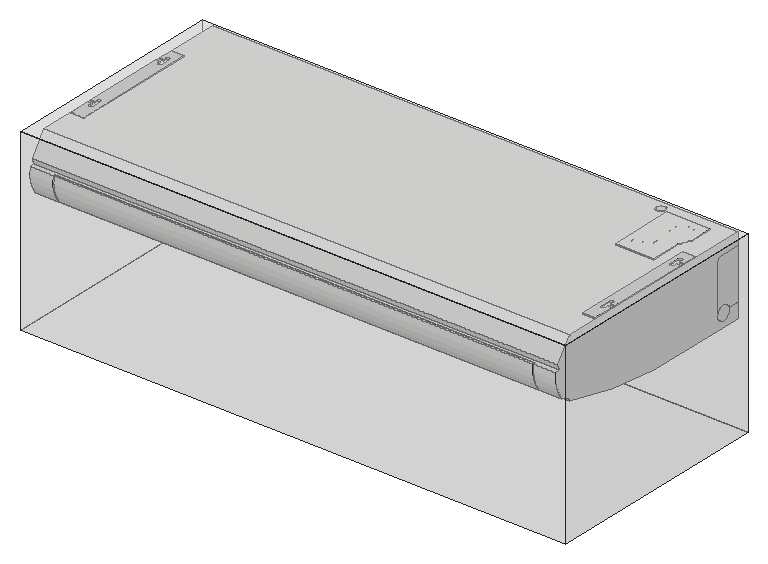
Revit family "outputfile", category 機械設備, Revit 2024
Family settings
  丸型コネクタ寸法 = 半径を使用
  パーツ タイプ = 標準
  OmniClass 番号 = 23.75.10.24.21.27.27
  OmniClass タイトル = Split System Air Conditioning Units
  作業面ベース = いいえ
  常に垂直 = はい
  ロード時にボイドで切り取り = いいえ
  注釈の向きを維持 = いいえ
  共有 = いいえ
  部屋計算ポイント = はい
Parameters (values of type "FHA100DVA")
  製造元 = "Daikin"
  書き出し IFC クラス(タイプ) = "IfcUnitaryEquipmentType"
  定義済み IFC タイプ(タイプ) = "AIRCONDITIONINGUNIT"
  モデル = "FHA100DVA"
  switch_frequency = yes
  r_Liquid Pipe Size = Liquid Pipe Size / 2  # 4.75 mm
  r_Gas Pipe Size = Gas Pipe Size / 2  # 7.95 mm
  r_Drain Pipe Size = Drain Pipe Size / 2  # 10.0 mm
  l_powersupply [instance] = if(Rear Right Connection_powersupply, 29.0 mm, 175.0 mm)  # 29.0 mm
  h_mountinghole = 2.0 mm
  connector_voltage = Voltage_50Hz  # 230 V
  connector_powerinput = [Power Input (Cooling)]  # 2.600 kW
  connector_phase = Phase_50Hz  # 1
  angle_vertical_powersupply [instance] = if(Rear Right Connection_powersupply, 90.00°, 180.00°)  # 90.00°
  angle_vertical_drainpipe [instance] = if(or(Left Connection_drainpipe, Right Connection_drainpipe), 90.00°, if(Top Connection_drainpipe, 180.00°, -90.00°))  # -90.00°
  angle_horizontal_powersupply [instance] = if(Rear Right Connection_powersupply, 180.00°, 0.00°)  # 180.00°
  angle_horizontal_drainpipe [instance] = if(Right Connection_drainpipe, 90.00°, if(Left Connection_drainpipe, -90.00°, 0.00°))  # 0.00°
  Voltage_comment_60Hz = "220-240"
  Voltage_comment_50Hz = "220-240"
  Voltage_60Hz = 230 V
  Voltage_50Hz = 230 V
  Top Connection_refrigerant [instance] = no
  Top Connection_powersupply [instance] = not(Rear Right Connection_powersupply)  # no
  Right Connection_refrigerant [instance] = no
  Rear Right Connection_refrigerant [instance] = yes
  Phase_60Hz = 1
  Phase_50Hz = 1
  Material_Casing = DAIKIN_White_Casing_indoorunit
  lw_powersupply [instance] = if(Rear Right Connection_powersupply, 220.0 mm, 210.0 mm)  # 220.0 mm
  lw_mountinghole_pitch = Width - 40.0 mm  # 1550.0 mm
  lw_mountinghole = 20.0 mm
  lw_liquidpipe [instance] = if(Right Connection_refrigerant, 156.0 mm, if(Top Connection_refrigerant, 156.0 mm, 136.0 mm))  # 136.0 mm
  lw_gaspipe = 105.0 mm
  lw_drainpipe [instance] = if(Top Connection_drainpipe, 102.0 mm, if(Width = 960.0 mm, if(or(Left Connection_drainpipe, Rear Left Connection_drainpipe), 884.0 mm, 83.0 mm), if(Width = 1270.0 mm, if(or(Left Connection_drainpipe, Rear Left Connection_drainpipe), 1194.0 mm, 83.0 mm), if(Width = 1590.0 mm, if(or(Left Connection_drainpipe, Rear Left Connection_drainpipe), 1514.0 mm, 83.0 mm), 83.0 mm))))  # 83.0 mm
  lh_powersupply = 175.0 mm
  lh_liquidpipe [instance] = if(Rear Right Connection_refrigerant, 160.0 mm, 131.0 mm)  # 160.0 mm
  lh_gaspipe [instance] = if(Rear Right Connection_refrigerant, 150.0 mm, 91.0 mm)  # 150.0 mm
  lh_drainpipe = 197.0 mm
  l_antena = 1.0 mm
  ld_powersupply = 30.0 mm
  ld_mountinghole_pitch = 260.0 mm
  ld_mountinghole = 210.0 mm
  ld_liquidpipe [instance] = if(Right Connection_refrigerant, 57.0 mm, if(Top Connection_refrigerant, 189.0 mm, 221.0 mm))  # 221.0 mm
  ld_gaspipe [instance] = if(Right Connection_refrigerant, 57.0 mm, if(Top Connection_refrigerant, 163.0 mm, 214.0 mm))  # 214.0 mm
  ld_drainpipe [instance] = if(or(Left Connection_drainpipe, Right Connection_drainpipe), 57.0 mm, if(Top Connection_drainpipe, 87.0 mm, 268.0 mm))  # 268.0 mm
  l_liquidpipe_length [instance] = if(Right Connection_refrigerant, 156.0 mm, if(Top Connection_refrigerant, 131.0 mm, 220.0 mm))  # 220.0 mm
  l_gaspipe_length [instance] = if(Right Connection_refrigerant, 105.0 mm, if(Top Connection_refrigerant, 91.0 mm, 213.0 mm))  # 213.0 mm
  l_drainpipe_length [instance] = if(Right Connection_drainpipe, 83.0 mm, if(Top Connection_drainpipe, 197.0 mm, if(Left Connection_drainpipe, 76.0 mm, 267.0 mm)))  # 267.0 mm
  h*** = 0.0 mm
  angle_vertical [instance] = if(Right Connection_refrigerant, 90.00°, if(Top Connection_refrigerant, 180.00°, -90.00°))  # -90.00°
  angle_horizontal [instance] = if(Right Connection_refrigerant, 90.00°, 0.00°)  # 0.00°
  Width = 1590.0 mm
  Version = "ver.1.0"
  Unit Type = "Ceiling"
  Unit Mass Weight = 38.00 kg
  Unit Designation [instance] = ""
  Uniclass2015Version = "Products v1.30"
  Uniclass2015Title = "Split coil room air conditioning units"
  Uniclass2015Code = "Pr_70_65_03_86"
  Total Cooling Capacity [instance] = 0.000 kW
  Top Connection_drainpipe [instance] = no
  Sound Pressure Level_M speed (dBA) = 38
  Sound Pressure Level_L speed (dBA) = 34
  Sound Pressure Level_H speed (dBA) = 42
  Series = "SkyAir_Fan Coil Unit"
  Sensible Cooling Capacity [instance] = 0.000 kW
  Rear Right Connection_drainpipe [instance] = yes
  Rear Right Connection_powersupply [instance] = yes
  Right Connection_drainpipe [instance] = no
  Refrigerant Type = "R32"
  Power Input (Cooling) = 2.600 kW
  Option Accessory 3 [instance] = ""
  Option Accessory 2 [instance] = ""
  Option Accessory 1 [instance] = ""
  Nominal Cooling Capacity = 10.000 kW
  Minimum Airflow = 1200.00 m³/h
  Median Airflow = 1440.00 m³/h
  Maximum Airflow = 1680.00 m³/h
  Load Classification = HVAC
  Liquid Pipe Size = 9.5 mm
  Link_Nested Family [instance] = ""
  Rear Left Connection_drainpipe [instance] = no
  Left Connection_drainpipe [instance] = no
  IfcVersion = ""
  IfcExportType = "AIRCONDITIONINGUNIT"
  IfcExportAs = "IfcUnitaryEquipmentType"
  Height = 235.0 mm
  Heat Exchanger Type = "Cross Fin Coil"
  Gas Pipe Size = 15.9 mm
  Frequency_60Hz = 60 Hz
  Frequency_50Hz = 50 Hz
  Fan Type = "Cross Flow Fan"
  Fan Drive = "Direct Drive"
  FCU Tag No. [instance] = ""
  Drain Pipe Size = 20.0 mm
  Design Supply Airflow [instance] = 0.00 m³/h
  Design Outdoor Airflow [instance] = 0.00 m³/h
  Depth = 690.0 mm
  既定の高さ = 0.0 mm
  Cooling Entering Wet Bulb Temperature [instance] = 0.00 °C
  Cooling Entering Dry Bulb Temperature [instance] = 0.00 °C
  Cooling Ambient Wet Bulb Temperature [instance] = 0.00 °C
  Cooling Ambient Dry Bulb Temperature [instance] = 0.00 °C
  Clearance visibility [instance] = yes
  Clearance Top = 5.0 mm
  Clearance Right = 30.0 mm
  Clearance Rear = 0.0 mm
  Clearance Left = 30.0 mm
  Clearance Front = 0.0 mm
  Clearance Bottom = 300.0 mm
Reference planes
  plane 1 "Back": y = 0
  plane 2: z = 0
  plane 3 "Center (Left/Right)": x = 0
  plane 4 "Center (Front/Back)": y = -1
  plane 5 "Front": y = -690
  plane 6 "Left": x = -795
  plane 7 "Right": x = 795
  plane 8 "Top": z = 0
  plane 9 "Bottom": z = -235
  plane 10: y = -690
  plane 11: x = -825
  plane 12: x = 825
  plane 13: z = 5
  plane 14: z = -535
  plane 15: y = 0
  plane 16 "lw_mountinghole": x = -775
  plane 17 "lw_mountinghole2": x = 775
  plane 18 "ld_mountinghole": y = -210
  plane 19 "ld_mountinghole2": y = -470
  plane 20 "lw_gaspipe": x = 690
  plane 21 "ld_gaspipe": y = -214
  plane 22 "lh_gaspipe": z = -150
  plane 23 "lw_liquidpipe": x = 659
  plane 24 "ld_liquidpipe": y = -221
  plane 25 "lh_liquidpipe": z = -160
  plane 26 "ld_drainpipe": y = -268
  plane 27 "lw_drainpipe": x = 712
  plane 28 "lh_drainpipe": z = -197
  plane 29 "lw_powersupply": x = 575
  plane 30 "lh_powersupply": z = -175
  plane 31 "ld_powersupply": y = -30
  plane 32: x = -725.5
  plane 33: x = 725.5
  plane 34: x = -750
  plane 35: x = 750
  plane 36: x = -2
  plane 37: x = 2
Forms (mm)
  Extrusion 1, solid, material "DAIKIN_White_Casing_indoorunit" <- "Material_Casing"
    sketch origin (0, 0, 0) x (0, 1, 0) y (0, 0, 1)
      loop
        line (-639.277, 0) -> (-680.876, -61.699) -> (-675.026, -77.772)
        arc (-675.026, -77.772) -> (-681.815, -78.743) -> (-688.601, -79.732) r 2634.132
        arc (-688.601, -79.732) -> (-687.018, -121.096) -> (-669.159, -158.439) r 102.2
        line (-669.159, -158.439) -> (-639.858, -169.325) -> (-635.895, -178.261)
        arc (-635.895, -178.261) -> (-479.121, -215.759) -> (-319.077, -235) r 1400.997
        line (-319.077, -235) -> (-1, -235) -> (-1, 0) -> (-639.277, 0)
    from -795 to 795
  Extrusion 2, solid, material "DAIKIN_White_Casing_indoorunit" <- "Material_Casing"
    sketch origin (0, 0, 0) x (0, 1, 0) y (0, 0, 1)
      loop
        arc (-688.601, -79.732) -> (-687.018, -121.096) -> (-669.159, -158.439) r 102.2
        line (-669.159, -158.439) -> (-665.589, -154.869)
        arc (-665.589, -154.869) -> (-682.432, -118.783) -> (-683.39, -78.971) r 97.2
        arc (-683.39, -78.971) -> (-685.996, -79.351) -> (-688.601, -79.732) r 2634.132
    from -725.5 to 725.5
  Extrusion 3, void
    sketch origin (0, 0, 0) x (0, 1, 0) y (0, 0, 1)
      loop
        line (-301.098, -235) -> (-21.098, -235) -> (-21.098, -230) -> (-301.098, -230) -> (-301.098, -235)
    from -750 to 750
  Extrusion 4, solid, material "DAIKIN_White_Grille_indoorunit"
    sketch origin (0, 0, 0) x (0, 1, 0) y (0, 0, 1)
      loop
        line (-20.098, -230) -> (-301.098, -230) -> (-301.098, -235) -> (-20.098, -235) -> (-20.098, -230)
    from -750 to -2
  Extrusion 5, solid, material "DAIKIN_White_Casing_indoorunit" <- "Material_Casing"
    sketch origin (0, 0, 0) x (1, 0, 0) y (0, 0, 1)
      loop
        line (602, -63) -> (602, -178) -> (673, -220) -> (736, -220) -> (736, -63) -> (602, -63)
    from 0 to 1
  Extrusion 6, solid, material "DAIKIN_White_Casing_indoorunit" <- "Material_Casing"
    sketch origin (0, 0, 0) x (-1, 0, 0) y (0, -1, 0)
      loop
        line (-607, 35) -> (-607, 230) -> (-723, 230) -> (-723, 135) -> (-738, 105) -> (-738, 35) -> (-607, 35)
    from 0 to 1.9
  Extrusion 7, void
    sketch origin (795, 0, 0) x (0, 1, 0) y (0, 0, 1)
      loop
        arc (-79.5, -195) -> (-55.446, -217.446) -> (-34.715, -191.9) r 22.5
        line (-34.715, -191.9) -> (-1, -191.9) -> (-1, -190.1) -> (-35.04, -190.1)
        arc (-35.04, -190.1) -> (-54.942, -172.594) -> (-77.7, -186.182) r 22.5
        line (-77.7, -186.182) -> (-77.7, -43)
        arc (-77.7, -43) -> (-76.528, -40.172) -> (-73.7, -39) r 4
        line (-73.7, -39) -> (-1, -39) -> (-1, -37.2) -> (-73.7, -37.2)
        arc (-73.7, -37.2) -> (-77.801, -38.899) -> (-79.5, -43) r 5.8
        line (-79.5, -43) -> (-79.5, -195)
      loop
        circle (-57, -195) r 20.7
    from 0 to -10
  Extrusion 8, void
    sketch origin (-1444.026, -1, 1200) x (1, 0, 0) y (0, 0, 1)
      loop
        arc (715.026, -1375) -> (704.42, -1379.393) -> (700.026, -1390) r 15
        line (700.026, -1390) -> (700.026, -1400)
        arc (700.026, -1400) -> (704.42, -1410.607) -> (715.026, -1415) r 15
        line (715.026, -1415) -> (745.026, -1415)
        arc (745.026, -1415) -> (755.633, -1410.607) -> (760.026, -1400) r 15
        line (760.026, -1400) -> (760.026, -1390)
        arc (760.026, -1390) -> (755.633, -1379.393) -> (745.026, -1375) r 15
        line (745.026, -1375) -> (715.026, -1375)
    from 0 to 10
  Extrusion 9, void
    sketch origin (-795, 0, 0) x (0, 1, 0) y (0, 0, 1)
      loop
        circle (-57, -197) r 22.5
    from 0 to 10
  Extrusion 10, void
    sketch origin (-1444.026, -1, 1200) x (1, 0, 0) y (0, 0, 1)
      loop
        circle (2136.026, -1375) r 44
    from 0 to 10
  Extrusion 11, void
    sketch origin (0, 0, 0) x (-1, 0, 0) y (0, -1, 0)
      loop
        circle (-693, 87) r 30
    from 0 to -10
  Extrusion 12, void
    sketch origin (0, 0, 0) x (-1, 0, 0) y (0, -1, 0)
      loop
        circle (-690, 163) r 18
    from 0 to -10
  Extrusion 13, void
    sketch origin (0, 0, 0) x (-1, 0, 0) y (0, -1, 0)
      loop
        circle (-639, 189) r 13
    from 0 to -10
  Extrusion 14, void
    sketch origin (-1444.026, -1, 1200) x (1, 0, 0) y (0, 0, 1)
      loop
        circle (2019.026, -1375) r 14.5
    from 0 to 10
  Extrusion 15, void
    sketch origin (0, 0, 0) x (-1, 0, 0) y (0, -1, 0)
      loop
        circle (-585, 30) r 14.5
    from 0 to -10
  Extrusion 16, void
    sketch origin (795, 0, 0) x (0, 1, 0) y (0, 0, 1)
      loop
        arc (-665.589, -154.869) -> (-682.432, -118.783) -> (-683.39, -78.971) r 97.2
        arc (-683.39, -78.971) -> (-685.996, -79.351) -> (-688.601, -79.732) r 2634.132
        arc (-688.601, -79.732) -> (-687.018, -121.096) -> (-669.159, -158.439) r 102.2
        line (-669.159, -158.439) -> (-665.589, -154.869)
    from -69.5 to -1520.5
  Extrusion 17, solid, material "DAIKIN_White_Casing_indoorunit" <- "Material_Casing"
    sketch origin (-795, 0, 0) x (0, 1, 0) y (0, 0, 1)
      loop
        circle (-57, -197) r 22.5
    from 0 to 10
  Extrusion 18, solid, material "DAIKIN_White_Grille_indoorunit"
    sketch origin (780, 0, 0) x (0, 1, 0) y (0, 0, 1)
      loop
        line (-20.098, -230) -> (-301.098, -230) -> (-301.098, -235) -> (-20.098, -235) -> (-20.098, -230)
    from -782 to -778
  Extrusion 19, solid, material "DAIKIN_White_Grille_indoorunit"
    sketch origin (0, 0, 0) x (0, 1, 0) y (0, 0, -1)
      loop
        line (-20.098, 230) -> (-20.098, 235) -> (-301.098, 235) -> (-301.098, 230) -> (-20.098, 230)
    from -750 to -2
Cuts and joins
  Extrusion 3, Extrusion 7, Extrusion 8, Extrusion 9, Extrusion 10, Extrusion 11, Extrusion 12, Extrusion 13, Extrusion 14, Extrusion 15, Extrusion 16 cuts Extrusion 1
Lines and regions (mm)
  reference lines
    curve 1: line (795, -580.282, -192.75) -> (795, -551.225, -200.21)
Dimensions and locks
  equal spacing: plane 6 "Left", plane 3 "Center (Left/Right)", plane 7 "Right"
  "Width": plane 6 "Left" to plane 7 "Right"
  "Depth": plane 5 "Front" to plane 1 "Back"
  "Height": plane 8 "Top" to plane 9 "Bottom"
  "Clearance Front": plane 10 to plane 5 "Front"
  "Clearance Left": plane 11 to plane 6 "Left"
  "Clearance Right": plane 7 "Right" to plane 12
  "Clearance Top": plane 13 to plane 8 "Top"
  "Clearance Bottom": plane 9 "Bottom" to plane 14
  "Clearance Rear": plane 1 "Back" to plane 15
  locked: plane 4 "Center (Front/Back)" to plane 1 "Back" at 1
  locked: Extrusion 1 sketch curve to Extrusion 1 sketch curve at 235
  locked: Extrusion 1 sketch curve to Extrusion 1 sketch curve at 318.077
  locked: Extrusion 1 sketch curve to Extrusion 1 sketch curve at 1163.297
  locked: Extrusion 1 sketch curve to Extrusion 1 sketch curve at 231.144
  Extrusion 3 sketch curve to Extrusion 3 sketch curve to plane 1 "Back" = 280.0 mm locked, 21.098 mm locked
  "ld_mountinghole": plane 18 "ld_mountinghole" to plane 1 "Back"
  "ld_mountinghole_pitch": plane 18 "ld_mountinghole" to plane 19 "ld_mountinghole2"
  "lw_mountinghole_pitch": plane 16 "lw_mountinghole" to plane 17 "lw_mountinghole2"
  "lw_mountinghole": plane 6 "Left" to plane 16 "lw_mountinghole"
  "lw_gaspipe": plane 20 "lw_gaspipe" to plane 7 "Right"
  "ld_gaspipe": plane 1 "Back" to plane 21 "ld_gaspipe"
  "lw_liquidpipe": plane 23 "lw_liquidpipe" to plane 7 "Right"
  "ld_liquidpipe": plane 1 "Back" to plane 24 "ld_liquidpipe"
  "lw_drainpipe": plane 27 "lw_drainpipe" to plane 7 "Right"
  "ld_drainpipe": plane 26 "ld_drainpipe" to plane 1 "Back"
  plane 8 "Top" to Extrusion 5 sketch curve to Extrusion 5 sketch curve = 63.0 mm locked, 157.0 mm locked
  plane 7 "Right" to Extrusion 5 sketch curve to Extrusion 5 sketch curve = 59.0 mm locked, 134.0 mm locked
  locked: Extrusion 5 sketch curve to Extrusion 5 sketch curve at 115
  locked: Extrusion 5 sketch curve to Extrusion 5 sketch curve at 63
  locked: Extrusion 6 sketch curve to Extrusion 6 sketch curve at 195
  locked: Extrusion 6 sketch curve to Extrusion 6 sketch curve at 116
  locked: Extrusion 6 sketch curve to Extrusion 6 sketch curve at 131
  locked: Extrusion 6 sketch curve to Extrusion 6 sketch curve at 100
  locked: Extrusion 6 sketch curve to plane 1 "Back" at 35
  locked: Extrusion 6 sketch curve to plane 7 "Right" at 57
  locked: Extrusion 8 sketch curve to Extrusion 8 sketch curve at 40
  locked: Extrusion 8 sketch curve to Extrusion 8 sketch curve at 60
  locked: plane 8 "Top" to Extrusion 8 sketch curve at 175
  locked: Extrusion 8 sketch curve to plane 6 "Left" at 51
  locked: plane 7 "Right" to Extrusion 10 sketch curve at 103
  locked: plane 8 "Top" to Extrusion 10 sketch curve at 175
  locked: Extrusion 11 sketch curve to plane 1 "Back" at 87
  locked: Extrusion 11 sketch curve to plane 7 "Right" at 102
  locked: Extrusion 12 sketch curve to plane 1 "Back" at 163
  locked: Extrusion 12 sketch curve to plane 7 "Right" at 105
  locked: Extrusion 13 sketch curve to plane 1 "Back" at 189
  locked: Extrusion 13 sketch curve to plane 7 "Right" at 156
  "lw_powersupply": plane 29 "lw_powersupply" to plane 7 "Right"
  "lh_gaspipe": plane 8 "Top" to plane 22 "lh_gaspipe"
  "lh_liquidpipe": plane 8 "Top" to plane 25 "lh_liquidpipe"
  "lh_powersupply": plane 8 "Top" to plane 30 "lh_powersupply"
  "lh_drainpipe": plane 8 "Top" to plane 28 "lh_drainpipe"
  "ld_powersupply": plane 1 "Back" to plane 31 "ld_powersupply"
  locked: plane 8 "Top" to Extrusion 7 sketch curve at 195
  locked: Extrusion 7 sketch curve to plane 1 "Back" at 57
  locked: plane 9 "Bottom" to Extrusion 7 sketch curve at 43.1
  locked: Extrusion 7 sketch curve to plane 8 "Top" at 39
  locked: Extrusion 7 sketch curve to plane 1 "Back" at 79.5
  locked: Extrusion 9 sketch curve to plane 1 "Back" at 57
  locked: plane 8 "Top" to Extrusion 9 sketch curve at 197
  locked: Extrusion 17 sketch curve to plane 1 "Back" at 57
  locked: plane 8 "Top" to Extrusion 17 sketch curve at 197
  locked: plane 7 "Right" to Extrusion 14 sketch curve at 220
  locked: plane 8 "Top" to Extrusion 14 sketch curve at 175
  locked: Extrusion 15 sketch curve to plane 7 "Right" at 210
  locked: Extrusion 15 sketch curve to plane 1 "Back" at 30
  locked: curve 1 to plane 9 "Bottom" at 34.79
  locked: curve 1 to plane 9 "Bottom" at 42.25
  locked: plane 6 "Left" to plane 32 at 69.5
  locked: plane 33 to plane 7 "Right" at 69.5
  locked: plane 35 to plane 7 "Right" at 45
  locked: plane 6 "Left" to plane 34 at 45
  plane 36 to plane 3 "Center (Left/Right)" to plane 37 = 2.0 mm locked, 2.0 mm locked
  locked: curve 1 to plane 9 "Bottom" (angle 14.40°)
  aligned and locked: level to plane 2
  aligned and locked: nested 1 to plane 11
  aligned and locked: nested 1 to plane 12
  aligned and locked: nested 1 to plane 10
  aligned and locked: plane 13 to nested 1
  aligned and locked: plane 14 to nested 1
  aligned and locked: plane 15 to nested 1
  aligned and locked: Extrusion 1 sketch curve to plane 8 "Top"
  aligned and locked: Extrusion 2 sketch curve to Extrusion 1  (x2)
  aligned and locked: plane 7 "Right" to Extrusion 1
  aligned and locked: Extrusion 1 to plane 6 "Left"
  aligned and locked: cut or joined group 1 (Extrusion 1, Extrusion 3, Extrusion 7, Extrusion 8, Extrusion 9, Extrusion 10, Extrusion 11, Extrusion 12, Extrusion 13, Extrusion 14, Extrusion 15, Extrusion 16) to Extrusion 3 sketch curve
  aligned and locked: cut or joined group 1 to Extrusion 4 sketch curve
  aligned and locked: Extrusion 5 to plane 4 "Center (Front/Back)"
  aligned and locked: Extrusion 7 sketch curve to plane 4 "Center (Front/Back)"
  aligned and locked: Extrusion 16 sketch curve to Extrusion 2  (x4)
  aligned and locked: Extrusion 16 to Extrusion 2  (x2)
  aligned and locked: nested 2 to plane 26 "ld_drainpipe"
  aligned and locked: plane 27 "lw_drainpipe" to nested 2
  aligned and locked: plane 20 "lw_gaspipe" to nested 3
  aligned and locked: nested 3 to plane 21 "ld_gaspipe"
  aligned and locked: plane 23 "lw_liquidpipe" to nested 4
  aligned and locked: nested 4 to plane 24 "ld_liquidpipe"
  aligned and locked: plane 25 "lh_liquidpipe" to nested 4
  aligned and locked: nested 5 to plane 31 "ld_powersupply"
  aligned and locked: plane 29 "lw_powersupply" to nested 5
  aligned and locked: nested 7 to plane 18 "ld_mountinghole"
  aligned and locked: plane 16 "lw_mountinghole" to nested 7
  aligned and locked: nested 6 to plane 19 "ld_mountinghole2"
  aligned and locked: plane 16 "lw_mountinghole" to nested 6
  aligned and locked: nested 9 to plane 18 "ld_mountinghole"
  aligned and locked: plane 17 "lw_mountinghole2" to nested 9
  aligned and locked: plane 17 "lw_mountinghole2" to nested 8
  aligned and locked: nested 8 to plane 19 "ld_mountinghole2"
  aligned and locked: nested 10 to curve 1
  aligned and locked: level to plane 8 "Top"
  aligned and locked: cut or joined group 1 to plane 32
  aligned and locked: plane 33 to cut or joined group 1
  aligned and locked: Extrusion 16 to plane 32
  aligned and locked: plane 33 to Extrusion 16
  aligned and locked: Extrusion 4 to plane 34
  aligned and locked: cut or joined group 1 to plane 34
  aligned and locked: plane 34 to Extrusion 4  (x3)
  aligned and locked: plane 16 "lw_mountinghole" to nested 11
  aligned and locked: plane 17 "lw_mountinghole2" to nested 12
  aligned and locked: plane 36 to Extrusion 4
  aligned and locked: Extrusion 18 to plane 36
  aligned and locked: plane 37 to Extrusion 18
  aligned and locked: Extrusion 19 to plane 37
  aligned and locked: plane 37 to Extrusion 19
  aligned and locked: plane 35 to Extrusion 19
  aligned and locked: plane 35 to Extrusion 3
  aligned and locked: Extrusion 4 to cut or joined group 1
  aligned and locked: cut or joined group 1 to Extrusion 18
  aligned and locked: cut or joined group 1 to Extrusion 19
Automatic sketch dimensions
  Extrusion 1 sketch curve to plane 4 "Center (Front/Back)" = 0.0 mm
  Extrusion 1 sketch curve to plane 5 "Front" = 102.2 mm
  Extrusion 1 sketch curve to plane 30 "lh_powersupply" = 3.261 mm
  Extrusion 1 sketch curve to plane 5 "Front" = 50.723 mm
  plane 30 "lh_powersupply" to Extrusion 1 sketch curve = 5.675 mm
  Extrusion 1 sketch curve to Extrusion 1 sketch curve = 3.963 mm
  plane 25 "lh_liquidpipe" to Extrusion 1 sketch curve = 1.561 mm
  Extrusion 1 sketch curve to plane 5 "Front" = 20.841 mm
  Extrusion 1 sketch curve to plane 5 "Front" = 14.974 mm
  Extrusion 1 sketch curve to plane 5 "Front" = 9.124 mm
  Extrusion 1 sketch curve to plane 26 "ld_drainpipe" = 37.278 mm
  Extrusion 1 sketch curve to plane 14 = 2150.825 mm
  plane 22 "lh_gaspipe" to Extrusion 1 sketch curve = 53.413 mm
  Extrusion 1 sketch curve to level = 77.772 mm
  Extrusion 1 sketch curve to Extrusion 1 sketch curve = 16.072 mm
  Extrusion 2 sketch curve to Extrusion 2 sketch curve = 0.0 mm  (x2)
  plane 25 "lh_liquidpipe" to Extrusion 2 sketch curve = 1.561 mm
  Extrusion 2 sketch curve to plane 22 "lh_gaspipe" = 4.869 mm
  Extrusion 2 sketch curve to Extrusion 2 sketch curve = 3.57 mm
  Extrusion 3 sketch curve to Extrusion 3 sketch curve = 5.0 mm
  plane 31 "ld_powersupply" to Extrusion 4 sketch curve = 9.902 mm
  Extrusion 4 sketch curve to Extrusion 4 sketch curve = 5.0 mm
  Extrusion 6 sketch curve to Extrusion 6 sketch curve = 30.0 mm
  Extrusion 7 sketch curve to Extrusion 7 sketch curve = 0.0 mm  (x6)
  Extrusion 7 sketch curve to plane 4 "Center (Front/Back)" = 0.0 mm  (x2)
  Extrusion 7 sketch curve to Extrusion 7 sketch curve = 1.8 mm  (x2)
  Extrusion 7 sketch curve to Extrusion 7 sketch curve = 4.0 mm
  Extrusion 7 sketch curve to Extrusion 7 sketch curve = 0.325 mm
  Extrusion 8 sketch curve to plane 32 = 3.5 mm  (x2)
  Extrusion 8 sketch curve to plane 28 "lh_drainpipe" = 3.0 mm
  Extrusion 8 sketch curve to Extrusion 8 sketch curve = 15.0 mm
  curve 1 to plane 5 "Front" = 109.718 mm
  Extrusion 18 sketch curve to plane 9 "Bottom" = 0.0 mm
  plane 9 "Bottom" to Extrusion 18 sketch curve = 5.0 mm
  Extrusion 18 sketch curve to plane 26 "ld_drainpipe" = 33.098 mm
  plane 31 "ld_powersupply" to Extrusion 18 sketch curve = 9.902 mm
  Extrusion 19 sketch curve to plane 9 "Bottom" = 0.0 mm
  plane 9 "Bottom" to Extrusion 19 sketch curve = 5.0 mm
  Extrusion 19 sketch curve to plane 26 "ld_drainpipe" = 33.098 mm
  plane 31 "ld_powersupply" to Extrusion 19 sketch curve = 9.902 mm
  Extrusion 4 sketch curve to plane 26 "ld_drainpipe" = 33.098 mm
  radius of Extrusion 7 sketch curve = 20.7 mm
  radius of Extrusion 9 sketch curve = 22.5 mm
  radius of Extrusion 10 sketch curve = 44.0 mm
  radius of Extrusion 11 sketch curve = 30.0 mm
  radius of Extrusion 12 sketch curve = 18.0 mm
  radius of Extrusion 13 sketch curve = 13.0 mm
  radius of Extrusion 14 sketch curve = 14.5 mm
  radius of Extrusion 15 sketch curve = 14.5 mm
  radius of Extrusion 17 sketch curve = 22.5 mm
Nested families
  nested 1: "daikin_clearancespace" at (0, -345, -264.881), visible <- "Clearance visibility", show <- "Clearance visibility", Link_Nested Family <- "Link_Nested Family", type "daikin_clearancespace"
    with width 1650.0 mm, show yes, height 540.0 mm, depth 690.0 mm, Link_Nested Family ""
  nested 2: "daikin_connector_rotate3" at (712, -268, -197), radius <- "r_Drain Pipe Size", angle_vertical <- "angle_vertical_drainpipe", angle_horizontal <- "angle_horizontal_drainpipe", length <- "l_drainpipe_length", type "daikin_connector_rotate3"
    with show no, radius 10.0 mm, length 267.0 mm, angle_vertical -90.00°, angle_horizontal 0.00°
  nested 3: "daikin_connector_rotate3" at (690, -214, -150), radius <- "r_Gas Pipe Size", angle_vertical <- "angle_vertical", angle_horizontal <- "angle_horizontal", length <- "l_gaspipe_length", type "daikin_connector_rotate3"
    with show no, radius 7.95 mm, length 213.0 mm, angle_vertical -90.00°, angle_horizontal 0.00°
  nested 4: "daikin_connector_rotate3" at (659, -221, -160), radius <- "r_Liquid Pipe Size", angle_vertical <- "angle_vertical", angle_horizontal <- "angle_horizontal", length <- "l_liquidpipe_length", type "daikin_connector_rotate3"
    with show no, radius 4.75 mm, length 220.0 mm, angle_vertical -90.00°, angle_horizontal 0.00°
  nested 5: "daikin_connector_rotate3" at (575, -30, -175), length <- "l_powersupply", angle_vertical <- "angle_vertical_powersupply", angle_horizontal <- "angle_horizontal_powersupply", type "daikin_connector_rotate3"
    with show no, radius 10.0 mm, length 29.0 mm, angle_vertical 90.00°, angle_horizontal 180.00°
  nested 6: "daikin_mountinghole" at (-775, -470, 0), l_antenna <- "l_antena", Link_Nested Family <- "Link_Nested Family", h_mountinghole <- "h_mountinghole", type "daikin_mountinghole"
    with show yes, l_antenna 1.0 mm, h_mountinghole 2.0 mm, Link_Nested Family ""
  nested 7: "daikin_mountinghole" at (-775, -210, 0), l_antenna <- "l_antena", Link_Nested Family <- "Link_Nested Family", h_mountinghole <- "h_mountinghole", type "daikin_mountinghole"
    with show yes, l_antenna 1.0 mm, h_mountinghole 2.0 mm, Link_Nested Family ""
  nested 8: "daikin_mountinghole" at (775, -470, 0), l_antenna <- "l_antena", Link_Nested Family <- "Link_Nested Family", h_mountinghole <- "h_mountinghole", type "daikin_mountinghole"
    with show yes, l_antenna 1.0 mm, h_mountinghole 2.0 mm, Link_Nested Family ""
  nested 9: "daikin_mountinghole" at (775, -210, 0), Link_Nested Family <- "Link_Nested Family", l_antenna <- "l_antena", h_mountinghole <- "h_mountinghole", type "daikin_mountinghole"
    with show yes, l_antenna 1.0 mm, h_mountinghole 2.0 mm, Link_Nested Family ""
  nested 10: "daikin_logo_plane_w40" at (647.963, -559.801, -198.008) x (1, 0, 0) z (0, -0.2487, -0.9686), type "daikin_logo_plane_w40"
    with show_logo yes
  nested 11: "daikin_hangerfixture_FHA-DVA" at (-775, 0, 0), type "daikin_hangerfixture_FHA-DVA"
    with width 38.0 mm, height 2.0 mm, depth 380.0 mm
  nested 12: "daikin_hangerfixture_FHA-DVA" at (775, 0, 0) x (-1, 0, 0) z (0, 0, 1), type "daikin_hangerfixture_FHA-DVA"
    with width 38.0 mm, height 2.0 mm, depth 380.0 mm
Connectors
  piping at (712, -1, -197), diameter 20, driven by "r_Drain Pipe Size"
    settings: on nested 2, index 1, connector inside diameter 609.6 mm, connector length 0.0 mm, flow factor 0, pipe flow 0.00 m³/h, pressure drop 0.0 Pa, fitting loss kfactor 0, connector angle 0.00°, fixture units 0, engagement length 0.0 mm, angle of deflection 0.00°, flow configuration 1, flow direction 2, fitting loss method 4, system type 16, joint type 0, gender type 0, connector reference index -1, connector utility 0, adjustable connector no, is connector primary yes, connector description "Condensate Drain Piping"
  piping at (690, -1, -150), diameter 15.9, driven by "r_Gas Pipe Size"
    settings: on nested 3, index 3, connector inside diameter 609.6 mm, connector length 0.0 mm, flow factor 0, pipe flow 0.00 m³/h, pressure drop 0.0 Pa, fitting loss kfactor 0, connector angle 0.00°, fixture units 0, engagement length 0.0 mm, angle of deflection 0.00°, flow configuration 1, flow direction 2, fitting loss method 0, system type 29, joint type 0, gender type 0, connector reference index -1, connector utility 0, adjustable connector no, is connector primary no, connector description "Refrigerant Gas Piping"
  piping at (659, -1, -160), diameter 9.5, driven by "r_Liquid Pipe Size"
    settings: on nested 4, index 4, connector inside diameter 609.6 mm, connector length 0.0 mm, flow factor 0, pipe flow 0.00 m³/h, pressure drop 0.0 Pa, fitting loss kfactor 0, connector angle 0.00°, fixture units 0, engagement length 0.0 mm, angle of deflection 0.00°, flow configuration 1, flow direction 1, fitting loss method 0, system type 29, joint type 0, gender type 0, connector reference index -1, connector utility 0, adjustable connector no, is connector primary no, connector description "Refrigerant Liquid Piping"
  electrical at (575, -1, -175), driven by "Load Classification", driven by "connector_powerinput", driven by "connector_phase", driven by "connector_voltage"
    settings: on nested 5, index 6, voltage 230 V, apparent load 2600 VA, apparent load phase1 0 VA, apparent load phase2 0 VA, apparent load phase3 0 VA, power factor 1, load classification "HVAC", number of poles 1, system type 30, power factor state 1, is connector primary yes, connector utility no, sub classification motor no, connector description "Power Supply"
Definition of nested family "daikin_clearancespace"
  Parameters (values of type "daikin_clearancespace")
    Description = "daikin_clearancespace"
    width [instance] = 1823.963 mm
    show [instance] = yes
    material = none
    height [instance] = 1359.762 mm
    depth [instance] = 880.0 mm
    Default Elevation = 0.0 mm
    Link_Nested Family [instance] = ""
  Reference planes
    plane 1 "Center (Front/Back)": y = 0
    plane 2 "Center (Elevation)": z = -0.119
    plane 3 "Center (Left/Right)": x = 0
    plane 4: y = 440
    plane 5: y = -440
    plane 6 "Right": x = 911.982
    plane 7 "Left": x = -911.982
    plane 8 "Top": z = 679.762
    plane 9 "Bottom": z = -680
  Forms (mm)
    Extrusion 1, solid, material <- "material", visible <- "show"
      sketch origin (0, 0, 0) x (1, 0, 0) y (0, 1, 0)
        loop
          line (-911.982, 440) -> (-911.982, -440) -> (911.982, -440) -> (911.982, 440) -> (-911.982, 440)
      from -680 to 679.762
  Lines and regions (mm)
    symbolic lines, visible <- "show"
      curve 1: line (911.982, 440, 0) -> (-911.982, 440, 0)
      curve 2: line (-911.982, 440, 0) -> (-911.982, -440, 0)
      curve 3: line (-911.982, -440, 0) -> (911.982, -440, 0)
      curve 4: line (911.982, -440, 0) -> (911.982, 440, 0)
      curve 5: line (911.982, 0, 679.762) -> (-911.982, 0, 679.762)
      curve 6: line (911.982, 0, -680) -> (911.982, 0, 679.762)
      curve 7: line (-911.982, 0, -680) -> (911.982, 0, -680)
      curve 8: line (-911.982, 0, 679.762) -> (-911.982, 0, -680)
      curve 9: line (0, 440, 679.762) -> (0, -440, 679.762)
      curve 10: line (0, -440, 679.762) -> (0, -440, -680)
      curve 11: line (0, 440, -680) -> (0, 440, 679.762)
      curve 12: line (0, -440, -680) -> (0, 440, -680)
  Dimensions and locks
    "width": plane 7 "Left" to plane 6 "Right"
    "depth": plane 4 to plane 5
    "height": plane 8 "Top" to plane 9 "Bottom"
    equal spacing: plane 7 "Left", plane 3 "Center (Left/Right)", plane 6 "Right"
    equal spacing: plane 4, plane 1 "Center (Front/Back)", plane 5
    equal spacing: plane 8 "Top", plane 2 "Center (Elevation)", plane 9 "Bottom"
    aligned and locked: level to plane 2 "Center (Elevation)"
    aligned and locked: Extrusion 1 sketch curve to plane 4
    aligned and locked: plane 7 "Left" to Extrusion 1 sketch curve
    aligned and locked: Extrusion 1 sketch curve to plane 5
    aligned and locked: Extrusion 1 sketch curve to plane 6 "Right"
    aligned and locked: plane 8 "Top" to Extrusion 1
    aligned and locked: curve 1 to Extrusion 1
    aligned and locked: curve 2 to Extrusion 1
    aligned and locked: curve 3 to Extrusion 1
    aligned and locked: curve 4 to Extrusion 1
    aligned and locked: curve 5 to Extrusion 1
    aligned and locked: curve 6 to Extrusion 1
    aligned and locked: curve 7 to Extrusion 1
    aligned and locked: curve 8 to Extrusion 1
    aligned and locked: curve 9 to Extrusion 1
    aligned and locked: curve 10 to Extrusion 1
    aligned and locked: curve 11 to Extrusion 1
    aligned and locked: curve 12 to Extrusion 1
    aligned and locked: Extrusion 1 to plane 9 "Bottom"
Definition of nested family "daikin_logo_plane_w40"
  Parameters (values of type "daikin_logo_plane_w40")
    width = 40.0 mm
    show_logo [instance] = yes
    material = none
    height = 0.0 mm
    depth = 0.0 mm
    Default Elevation = 1219.2 mm
  Reference planes
    plane 1 "Center (Front/Back)": y = 0
    plane 2: z = 0
    plane 3 "Center (Left/Right)": x = 0
    plane 4: z = 2
    plane 5 "left": x = -19
    plane 6: x = 19
  Forms (mm)
    Extrusion 1, solid, visible <- "show_logo"
      sketch origin (-19, 0, 0) x (1, 0, 0) y (0, 1, 0)
        loop
          line (8.902, -1.878) -> (7.789, -6.332) -> (11.13, -6.332)
          arc (11.13, -6.332) -> (12.454, -6.064) -> (13.472, -5.176) r 2.642
          arc (13.472, -5.176) -> (13.92, -4.02) -> (13.767, -2.79) r 2.537
          arc (13.767, -2.79) -> (13.452, -2.342) -> (12.982, -2.06) r 1.321
          arc (12.982, -2.06) -> (12.063, -1.902) -> (11.13, -1.878) r 6.479
          line (11.13, -1.878) -> (8.902, -1.878)
        loop
          line (10.016, -5.441) -> (10.907, -5.441)
          arc (10.907, -5.441) -> (11.591, -4.983) -> (11.988, -4.261) r 1.742
          spline (11.988, -4.261) -> (12.01, -4.155) -> (12.027, -4.03) -> (12.037, -3.893) -> (12.037, -3.747) -> (12.026, -3.598) -> (12.002, -3.451) -> (11.962, -3.31) -> (11.905, -3.181) -> (11.829, -3.069) -> (11.731, -2.978) -> (11.61, -2.913) -> (11.464, -2.88)
          line (11.464, -2.88) -> (10.573, -2.88) -> (10.016, -5.441)
        loop
          line (13.58, -6.332) -> (14.805, -6.332) -> (15.223, -5.553) -> (16.977, -5.553) -> (17.144, -6.332) -> (19.149, -6.332) -> (18.258, -1.878) -> (16.03, -1.878) -> (13.58, -6.332)
        loop
          line (16.476, -3.214) -> (15.76, -4.551) -> (16.762, -4.551) -> (16.476, -3.214)
        loop
          line (19.705, -6.332) -> (21.599, -6.332) -> (22.712, -1.878) -> (20.819, -1.878) -> (19.705, -6.332)
        loop
          line (22.712, -6.332) -> (24.606, -6.332) -> (24.908, -5.122) -> (25.831, -6.332) -> (28.17, -6.332) -> (26.388, -3.994) -> (28.949, -1.878) -> (26.945, -1.878) -> (25.401, -3.153) -> (25.719, -1.878) -> (23.826, -1.878) -> (22.712, -6.332)
        loop
          line (29.84, -1.878) -> (28.615, -6.332) -> (30.62, -6.332) -> (31.734, -1.878) -> (29.84, -1.878)
        loop
          line (31.734, -6.332) -> (33.07, -6.332) -> (33.7, -3.814) -> (34.518, -6.332) -> (36.745, -6.332) -> (37.859, -1.878) -> (36.523, -1.878) -> (35.845, -4.589) -> (34.963, -1.878) -> (32.847, -1.878) -> (31.734, -6.332)
      from 0 to 2
    Extrusion 2, solid, visible <- "show_logo"
      sketch origin (-19, 0, 0) x (1, 0, 0) y (0, 1, 0)
        loop
          line (8.7, 0) -> (4.235, 0) -> (0, -3.879) -> (0, -8) -> (8.7, 0)
      from 0 to 2
    Extrusion 3, solid, visible <- "show_logo"
      sketch origin (-19, 0, 0) x (1, 0, 0) y (0, 1, 0)
        loop
          line (0, 0) -> (0, -3.879) -> (4.235, 0) -> (0, 0)
      from 0 to 2
  Dimensions and locks
    plane 4 to plane 2 = 2.0 mm
    equal spacing: plane 5 "left", plane 3 "Center (Left/Right)", plane 6
    locked: plane 5 "left" to plane 6 at 38
    aligned and locked: level to plane 2
    aligned and locked: Extrusion 3 to plane 1 "Center (Front/Back)"  (x2)
    aligned and locked: Extrusion 2 to plane 1 "Center (Front/Back)"  (x2)
    aligned and locked: plane 4 to Extrusion 1
    aligned and locked: plane 4 to Extrusion 3
    aligned and locked: plane 4 to Extrusion 2
    aligned and locked: Extrusion 3 to plane 5 "left"
    aligned and locked: Extrusion 2 to plane 5 "left"
  Automatic sketch dimensions
    Extrusion 1 sketch curve to Extrusion 1 sketch curve = 0.901 mm
    Extrusion 1 sketch curve to Extrusion 1 sketch curve = 1.559 mm
    Extrusion 1 sketch curve to Extrusion 1 sketch curve = 1.327 mm
    Extrusion 1 sketch curve to Extrusion 1 sketch curve = 2.145 mm
    Extrusion 1 sketch curve to Extrusion 1 sketch curve = 1.448 mm
    Extrusion 1 sketch curve to Extrusion 1 sketch curve = 2.116 mm
    Extrusion 1 sketch curve to Extrusion 1 sketch curve = 1.114 mm  (x4)
    Extrusion 1 sketch curve to Extrusion 1 sketch curve = 1.336 mm  (x2)
    plane 1 "Center (Front/Back)" to Extrusion 1 sketch curve = 1.878 mm  (x5)
    Extrusion 1 sketch curve to Extrusion 1 sketch curve = 1.893 mm  (x5)
    Extrusion 1 sketch curve to Extrusion 1 sketch curve = 0.891 mm  (x4)
    Extrusion 1 sketch curve to Extrusion 1 sketch curve = 2.005 mm  (x3)
    Extrusion 1 sketch curve to Extrusion 1 sketch curve = 0.445 mm  (x2)
    plane 1 "Center (Front/Back)" to Extrusion 1 sketch curve = 3.994 mm
    Extrusion 1 sketch curve to Extrusion 1 sketch curve = 0.557 mm  (x2)
    Extrusion 1 sketch curve to Extrusion 1 sketch curve = 2.339 mm  (x2)
    Extrusion 1 sketch curve to Extrusion 1 sketch curve = 1.225 mm  (x3)
    plane 1 "Center (Front/Back)" to Extrusion 1 sketch curve = 3.153 mm
    Extrusion 1 sketch curve to Extrusion 1 sketch curve = 0.987 mm
    plane 1 "Center (Front/Back)" to Extrusion 1 sketch curve = 5.122 mm
    Extrusion 1 sketch curve to Extrusion 1 sketch curve = 0.922 mm
    plane 1 "Center (Front/Back)" to Extrusion 1 sketch curve = 6.332 mm
    Extrusion 1 sketch curve to Extrusion 1 sketch curve = 2.562 mm
    plane 1 "Center (Front/Back)" to Extrusion 1 sketch curve = 5.553 mm
    Extrusion 1 sketch curve to Extrusion 1 sketch curve = 0.167 mm
    Extrusion 1 sketch curve to Extrusion 1 sketch curve = 0.215 mm
    plane 1 "Center (Front/Back)" to Extrusion 1 sketch curve = 3.214 mm
    Extrusion 1 sketch curve to Extrusion 1 sketch curve = 0.286 mm
    plane 1 "Center (Front/Back)" to Extrusion 1 sketch curve = 4.551 mm
    Extrusion 1 sketch curve to Extrusion 1 sketch curve = 1.002 mm
    Extrusion 1 sketch curve to Extrusion 1 sketch curve = 0.537 mm
    Extrusion 1 sketch curve to Extrusion 1 sketch curve = 0.418 mm
    Extrusion 1 sketch curve to Extrusion 1 sketch curve = 1.028 mm
    plane 1 "Center (Front/Back)" to Extrusion 1 sketch curve = 4.261 mm
    Extrusion 1 sketch curve to Extrusion 1 sketch curve = 0.563 mm
    plane 1 "Center (Front/Back)" to Extrusion 1 sketch curve = 2.88 mm
    Extrusion 1 sketch curve to Extrusion 1 sketch curve = 1.088 mm
    Extrusion 1 sketch curve to Extrusion 1 sketch curve = 2.152 mm
    Extrusion 1 sketch curve to Extrusion 1 sketch curve = 0.586 mm
    Extrusion 1 sketch curve to Extrusion 1 sketch curve = 0.118 mm
    Extrusion 1 sketch curve to Extrusion 1 sketch curve = 0.298 mm
    Extrusion 1 sketch curve to Extrusion 1 sketch curve = 0.334 mm
    Extrusion 1 sketch curve to Extrusion 1 sketch curve = 0.223 mm
    Extrusion 1 sketch curve to Extrusion 1 sketch curve = 0.266 mm
    Extrusion 1 sketch curve to Extrusion 1 sketch curve = 1.671 mm
    Extrusion 1 sketch curve to Extrusion 1 sketch curve = 2.227 mm
    Extrusion 1 sketch curve to Extrusion 1 sketch curve = 0.0 mm  (x7)
    Extrusion 1 sketch curve to Extrusion 1 sketch curve = 3.453 mm
    Extrusion 1 sketch curve to Extrusion 1 sketch curve = 2.017 mm
    Extrusion 1 sketch curve to Extrusion 1 sketch curve = 0.78 mm  (x2)
    Extrusion 1 sketch curve to Extrusion 1 sketch curve = 1.743 mm
    Extrusion 1 sketch curve to Extrusion 1 sketch curve = 0.775 mm
    Extrusion 1 sketch curve to Extrusion 1 sketch curve = 0.552 mm
    Extrusion 1 sketch curve to Extrusion 1 sketch curve = 0.014 mm
    Extrusion 1 sketch curve to Extrusion 1 sketch curve = 0.952 mm
    Extrusion 1 sketch curve to Extrusion 1 sketch curve = 1.215 mm
    Extrusion 1 sketch curve to Extrusion 1 sketch curve = 0.108 mm
    plane 1 "Center (Front/Back)" to Extrusion 2 sketch curve = 0.0 mm
    Extrusion 2 sketch curve to plane 3 "Center (Left/Right)" = 19.0 mm
    Extrusion 2 sketch curve to plane 3 "Center (Left/Right)" = 14.765 mm
    Extrusion 2 sketch curve to Extrusion 2 sketch curve = 4.465 mm
    plane 1 "Center (Front/Back)" to Extrusion 2 sketch curve = 3.879 mm
    Extrusion 2 sketch curve to Extrusion 2 sketch curve = 4.12 mm
    plane 1 "Center (Front/Back)" to Extrusion 3 sketch curve = 0.0 mm
    Extrusion 3 sketch curve to plane 3 "Center (Left/Right)" = 19.0 mm
    Extrusion 3 sketch curve to plane 3 "Center (Left/Right)" = 14.765 mm
    plane 1 "Center (Front/Back)" to Extrusion 3 sketch curve = 3.879 mm
    Extrusion 1 sketch curve to plane 3 "Center (Left/Right)" = 11.211 mm
    Extrusion 1 sketch curve to Extrusion 1 sketch curve = 1.782 mm
Definition of nested family "daikin_hangerfixture_FHA-DVA"
  Parameters (values of type "daikin_hangerfixture_FHA-CV2S")
    width = 44.0 mm
    material = none
    height = 155.0 mm
    depth = 33.0 mm
    Default Elevation = 0.0 mm
  Reference planes
    plane 1 "Center (Front/Back)": y = 0
    plane 2: z = 0
    plane 3 "Center (Left/Right)": x = 0
    plane 4: z = -2.3
    plane 5: z = -155
    plane 6: z = -12
  Forms (mm)
    Extrusion 1, solid
      sketch origin (0, 0, 0) x (1, 0, 0) y (0, 1, 0)
        loop
          line (20, -159) -> (-18, -159) -> (-18, -204) -> (-6, -204) -> (-6, -196)
          arc (-6, -196) -> (0, -190) -> (6, -196) r 6
          line (6, -196) -> (6, -224)
          arc (6, -224) -> (0, -230) -> (-6, -224) r 6
          line (-6, -224) -> (-6, -216) -> (-18, -216) -> (-18, -464) -> (-6, -464) -> (-6, -456)
          arc (-6, -456) -> (0, -450) -> (6, -456) r 6
          line (6, -456) -> (6, -484)
          arc (6, -484) -> (0, -490) -> (-6, -484) r 6
          line (-6, -484) -> (-6, -476) -> (-18, -476) -> (-18, -539) -> (20, -539) -> (20, -159)
      from 0 to 2
  Dimensions and locks
    plane 2 to plane 4 = 2.3 mm
    "height": plane 2 to plane 5
    locked: plane 2 to plane 6 at 12
    aligned and locked: level to plane 2
  Automatic sketch dimensions
    plane 3 "Center (Left/Right)" to Extrusion 1 sketch curve = 20.0 mm
    plane 1 "Center (Front/Back)" to Extrusion 1 sketch curve = 159.0 mm
    Extrusion 1 sketch curve to plane 3 "Center (Left/Right)" = 18.0 mm
    Extrusion 1 sketch curve to Extrusion 1 sketch curve = 380.0 mm
    Extrusion 1 sketch curve to Extrusion 1 sketch curve = 63.0 mm
    Extrusion 1 sketch curve to plane 3 "Center (Left/Right)" = 0.0 mm  (x4)
    plane 3 "Center (Left/Right)" to Extrusion 1 sketch curve = 6.0 mm
    Extrusion 1 sketch curve to Extrusion 1 sketch curve = 8.0 mm  (x4)
    Extrusion 1 sketch curve to Extrusion 1 sketch curve = 20.0 mm  (x2)
    Extrusion 1 sketch curve to Extrusion 1 sketch curve = 0.0 mm  (x2)
    Extrusion 1 sketch curve to Extrusion 1 sketch curve = 57.0 mm
    Extrusion 1 sketch curve to plane 3 "Center (Left/Right)" = 6.0 mm
Definition of nested family "daikin_connector_rotate3"
  Parameters (values of type "daikin_connector_rotate3")
    show [instance] = yes
    radius [instance] = 10.0 mm
    length [instance] = 600.0 mm
    angle_horizontal [instance] = 60.00°
    angle_vertical [instance] = 90.00°
    Default Elevation = 1219.2 mm
  Reference planes
    plane 1 "Center (Front/Back)": y = 0
    plane 2: z = 0
    plane 3 "Center (Left/Right)": x = 0
  Dimensions and locks
    "angle_horizontal": angle plane 3 "Center (Left/Right)" to nested 1
    aligned and locked: level to plane 2
    aligned and locked: plane 1 "Center (Front/Back)" to nested 1  (x2)
    aligned and locked: plane 3 "Center (Left/Right)" to nested 1
  Nested families
    nested 1: "daikin_connector_rotate2" at (0, 0, 0) x (0.5, 0.866, 0) z (0, 0, 1), angle_vertical <- "angle_vertical", length <- "length", radius <- "radius", type "daikin_connector_rotate2"
      with radius 10.0 mm, length 600.0 mm, angle_vertical 90.00°
  Definition of nested family "daikin_connector_rotate2"
    Parameters (values of type "daikin_connector_rotate2")
      show_face = yes
      radius [instance] = 10.0 mm
      length [instance] = 600.0 mm
      d_surface = 10.0 mm
      angle_vertical [instance] = 90.00°
      Default Elevation = 0.0 mm
    Reference planes
      plane 1 "Center (Front/Back)": y = 0
      plane 2: z = 0
      plane 3 "Center (Left/Right)": x = 0
    Forms (mm)
      Extrusion 1, solid, visible <- "show_face"
        sketch origin (0, -600, 0) x (1, 0, 0) y (0, 0, 1)
          loop
            circle (0, 0) r 10
        from 0 to -10
    Lines and regions (mm)
      reference lines
        curve 1: line (0, 0, 0) -> (0, -600, 0)
      symbolic lines
        curve 2: circle (0, 0, 0) r 5 normal (0, 0, 1)
      model lines, visible <- "show_face"
        curve 3: line (0, 0, 0) -> (0, -600, 0)
    Dimensions and locks
      "length": curve 1 to curve 1
      "length": curve 3 to curve 3
      "d_surface": Extrusion 1 to Extrusion 1
      "radius": radius of Extrusion 1 sketch curve
      "angle_vertical": angle curve 1 to plane 1 "Center (Front/Back)"
      "angle_vertical": angle curve 3 to plane 1 "Center (Front/Back)"
      aligned and locked: level to plane 2
      aligned and locked: plane 1 "Center (Front/Back)" to curve 1
      aligned and locked: plane 2 to curve 1
      aligned and locked: plane 1 "Center (Front/Back)" to curve 2
      aligned and locked: plane 3 "Center (Left/Right)" to curve 2
      aligned and locked: plane 1 "Center (Front/Back)" to curve 3
      aligned and locked: plane 2 to curve 3
      aligned and locked: Extrusion 1 to Extrusion 1
    Automatic sketch dimensions
      Extrusion 1 sketch curve to level = 0.0 mm
      Extrusion 1 sketch curve to plane 3 "Center (Left/Right)" = 0.0 mm
      radius of curve 2 = 5.0 mm
Definition of nested family "daikin_mountinghole"
  Parameters (values of type "daikin_mountinghole")
    Default Elevation = 1219.2 mm
    Type Comments = "mountinghole"
    show [instance] = yes
    material = none
    l_centerline = 100.0 mm
    l_antenna [instance] = 100.0 mm
    h_mountinghole [instance] = 0.0 mm
    d_circle = 30.0 mm
    Link_Nested Family [instance] = ""
  Reference planes
    plane 1 "Center (Front/Back)": y = 0
    plane 2: z = 0
    plane 3 "Center (Left/Right)": x = 0
    plane 4: y = 50
    plane 5: x = -50
    plane 6: x = 50
    plane 7: y = -50
    plane 8 "h_mountinghole": z = 0
    plane 9: z = 100
  Lines and regions (mm)
    model lines, detail levels fine
      curve 1: circle (0, 0, 0) r 15 normal (0, 0, 1)
      curve 2: line (-50, 0, 0) -> (50, 0, 0)
      curve 3: line (0, 50, 0) -> (0, -50, 0)
    symbolic lines, detail levels fine
      curve 4: circle (0, 0, 0) r 15 normal (0, 0, 1)
      curve 5: line (-50, 0, 0) -> (50, 0, 0)
      curve 6: line (0, 50, 0) -> (0, -50, 0)
    model lines
      curve 7: line (0, 0, 100) -> (0, 0, 0)
  Dimensions and locks
    equal spacing: plane 4, plane 1 "Center (Front/Back)", plane 7
    "l_centerline": plane 4 to plane 7
    equal spacing: plane 5, plane 3 "Center (Left/Right)", plane 6
    "l_centerline": plane 5 to plane 6
    "l_antenna": plane 9 to plane 8 "h_mountinghole"
    "h_mountinghole": plane 8 "h_mountinghole" to plane 2
    "d_circle": diameter of curve 1
    "d_circle": diameter of curve 4
    aligned and locked: level to plane 2
    aligned and locked: plane 1 "Center (Front/Back)" to curve 1
    aligned and locked: plane 3 "Center (Left/Right)" to curve 1
    aligned and locked: plane 1 "Center (Front/Back)" to curve 2
    aligned and locked: curve 3 to plane 3 "Center (Left/Right)"
    aligned and locked: plane 6 to curve 2
    aligned and locked: plane 5 to curve 2
    aligned and locked: plane 4 to curve 3
    aligned and locked: plane 7 to curve 3
    aligned and locked: plane 1 "Center (Front/Back)" to curve 4
    aligned and locked: plane 3 "Center (Left/Right)" to curve 4
    aligned and locked: plane 6 to curve 5
    aligned and locked: plane 5 to curve 5
    aligned and locked: plane 1 "Center (Front/Back)" to curve 5
    aligned and locked: plane 4 to curve 6
    aligned and locked: plane 7 to curve 6
    aligned and locked: curve 6 to plane 3 "Center (Left/Right)"
    aligned and locked: curve 7 to plane 3 "Center (Left/Right)"
    aligned and locked: plane 9 to curve 7
    aligned and locked: plane 8 "h_mountinghole" to curve 7
